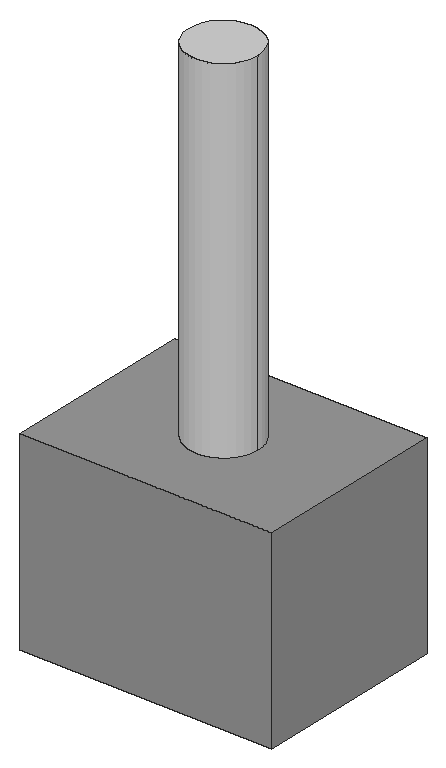
Revit family "Bollard-1_800_Bollards-High_Security-Deep_Mount_05-CS", category Site, Revit 2017
Family settings
  Round Connector Dimension = Use Diameter
  Part Type = Normal
  OmniClass Number = 23.15.10.11.21
  OmniClass Title = Traffic Safety Barriers and Protections
  Work Plane-Based = No
  Always vertical = Yes
  Cut with Voids When Loaded = No
  Shared = No
Parameters (values of type "10 in M30")
  URL = "https://1800bollards.com/"
  Type Comments = if(M30, "M30 10 in Nominal Diameter", "M50 10 in Nominal Diameter")  # "M30 10 in Nominal Diameter"
  Thickness = 0' - 10 3/4"  # constant formula
  Stainless Steel = not(Carbon Steel)  # yes
  Sloped Offset [instance] = if(Sloped, 0' 0", Thickness)  # 0' - 10 3/4"
  Sloped [instance] = no
  Reveal Offset [instance] = if(Reveal, 0' 2 179/256", 0' 0")  # 0' - 0"
  Reveal [instance] = no
  Rebar by others = yes
  Product Page URL = "https://1800bollards.com/product-category/high-security-bollards/deep-mount/"
  Product Name = "High Security Bollards"  # constant formula
  Product Documentation Link = "https://microsite.caddetails.com/main/company/viewproduct?productID=20881&companyID=5046&isFeatured=False&microsite=1&currentTab=Product"
  Model = "High Security Deep Mount Fixed Bollard"  # constant formula
  Manufacturer = "1-800-BOLLARDS"  # constant formula
  M50 = no
  M30 = not(M50)  # yes
  Height Below Grade = if(M50, 3' 8", 2' 4" + Backfill Height)  # 3' - 7 3/4"
  Height = 3' - 3"  # constant formula
  Foundation Width = if(M50, 3' 3", 3' 3")  # 3' - 3"
  Foundation Length = if(M50, 1' 9", 2' 6")  # 2' - 6"
  Foundation Depth = if(M50, 3' 11", 2' 6")  # 2' - 6"
  Flat [instance] = not(or(or(Dome, Reveal, Sloped)))  # yes
  Finish = Metal-1_800_Bollards-Stainless_Steel
  Dome Offset [instance] = if(Dome, 0' 0", Dome Height + 0' 1")  # 0' - 4.10326"
  Dome Height = Bollard Radius * tan(30.00°)  # 0' - 3.10326"
  Dome [instance] = no
  Description = if(Carbon Steel, "Carbon Steel Deep Mount Bollard", "Stainless Steel Deep Mount Bollard")  # "Stainless Steel Deep Mount Bollard"
  Concrete by others = yes
  Concrete Finish by others = Concrete, Lightweight
  Carbon Steel = no
  Bollard Radius = Thickness / 2  # 0' - 5 3/8"
  Backfill Height = if(M50, 0' 0", 1' 3 3/4")  # 1' - 3 3/4"
  Assembly Code = "G2020400"
Reference planes (in)
  plane 1 "Center (Front/Back)": y = 0
  plane 2: z = 0
  plane 3 "Center (Left/Right)": x = 0
  plane 4 "Top": z = 39
  plane 5 "Bottom": z = -43.75
  plane 6 "Right": x = 5.375
  plane 7 "Left": x = -5.375
  plane 8 "Back": y = 5.375
  plane 9 "Front": y = -5.375
  plane 10 "Base Plate Top": z = 0.25
  plane 11 "Top of Foundation": z = -15.75
Forms (in)
  Extrusion 1, solid, material "Metal-1_800_Bollards-Stainless_Steel" <- "Finish", detail levels medium+fine
    sketch origin (0, 0, 0) x (1, 0, 0) y (0, 1, 0)
      loop
        circle (0, 0) r 5.375
    from -43.75 to 39
  Extrusion 2, solid, material "Metal-1_800_Bollards-Stainless_Steel" <- "Finish", detail levels coarse
    sketch origin (0, 0, 0) x (1, 0, 0) y (0, 1, 0)
      loop
        line (-5.375, 5.375) -> (-5.375, -5.375) -> (5.375, -5.375) -> (5.375, 5.375) -> (-5.375, 5.375)
    from -43.75 to 39
  Extrusion 3, void
    sketch origin (0, 0, 0) x (0, 1, 0) y (0, 0, 1)
      loop
        line (-5.375, 49.75) -> (5.375, 42.22277) -> (5.375, 49.75) -> (-5.375, 49.75)
    from -5.375 to 5.375
  Revolve 4, void
    sketch origin (0, 0, 0.125) x (1, 0, 0) y (0, 0, 1)
      loop
        line (5.22115, 40.125) -> (5.22115, 38.875) -> (5.375, 38.875) -> (5.375, 40.125) -> (5.22115, 40.125)
      axis (0, 38.875) -> (0, 40.125)
    angle from 0 to 360
  Revolve 5, void
    sketch origin (0, 0, 0) x (1, 0, 0) y (0, 0, 1)
      loop
        line (5.375, 40) -> (5.375, 43.10326) -> (0, 43.10326)
        arc (0, 43.10326) -> (3.10326, 42.27174) -> (5.375, 40) r 6.20652
      axis (0, 43.10326) -> (0, 40)
    angle from 0 to 360
  Extrusion 6, solid, material "Concrete, Lightweight" <- "Concrete Finish by others", visible <- "Concrete by others"
    sketch origin (0, 0, 0) x (1, 0, 0) y (0, 1, 0)
      loop
        line (-19.5, 15) -> (-19.5, -15) -> (19.5, -15) -> (19.5, 15) -> (-19.5, 15)
    from -15.75 to -45.75
Cuts and joins
  Extrusion 3, Revolve 4, Revolve 5 cuts Extrusion 1
Dimensions and locks (in)
  "Height": plane 4 "Top" to level
  "Height Below Grade": level to plane 5 "Bottom"
  "Thickness": plane 7 "Left" to plane 6 "Right"
  "Thickness": plane 9 "Front" to plane 8 "Back"
  equal spacing: plane 9 "Front", plane 1 "Center (Front/Back)", plane 8 "Back"
  equal spacing: plane 7 "Left", plane 3 "Center (Left/Right)", plane 6 "Right"
  "Sloped Offset": Extrusion 3 sketch curve to plane 4 "Top"
  plane 6 "Right" to Revolve 4 sketch curve to Revolve 4 sketch curve = 0' - 0" locked, 0' - 0.15385" locked
  "Reveal Offset": plane 4 "Top" to Revolve 4 sketch curve
  locked: Revolve 4 sketch curve to Revolve 4 sketch curve at 1.25
  "Dome Offset": Revolve 5 sketch curve to plane 4 "Top"
  "Dome Height": Revolve 5 sketch curve to Revolve 5 sketch curve
  locked: plane 10 "Base Plate Top" to level at 0.25
  equal spacing: Extrusion 6 sketch curve, plane 3 "Center (Left/Right)", Extrusion 6 sketch curve
  "Foundation Width": Extrusion 6 sketch curve to Extrusion 6 sketch curve
  "Foundation Length": Extrusion 6 sketch curve to Extrusion 6 sketch curve
  "Foundation Depth": plane 11 "Top of Foundation" to Extrusion 6
  equal spacing: Extrusion 6 sketch curve, plane 1 "Center (Front/Back)", Extrusion 6 sketch curve
  locked: plane 3 "Center (Left/Right)" to Extrusion 1 sketch curve at 0
  locked: plane 1 "Center (Front/Back)" to Extrusion 1 sketch curve at 0
  "Backfill Height": level to plane 11 "Top of Foundation"
  "Bollard Radius": radius of Extrusion 1 sketch curve
  locked: Extrusion 3 sketch curve to plane 4 "Top" (angle 35.00°)
  aligned and locked: plane 2 to level
  aligned and locked: plane 4 "Top" to Extrusion 1
  aligned and locked: plane 8 "Back" to Extrusion 2 sketch curve
  aligned and locked: plane 7 "Left" to Extrusion 2 sketch curve
  aligned and locked: Extrusion 2 sketch curve to plane 9 "Front"
  aligned and locked: Extrusion 2 sketch curve to plane 6 "Right"
  aligned and locked: plane 4 "Top" to Extrusion 2
  aligned and locked: Revolve 4 sketch curve to plane 3 "Center (Left/Right)"
  aligned and locked: plane 6 "Right" to Revolve 5 sketch curve
  aligned and locked: plane 3 "Center (Left/Right)" to Revolve 5 sketch curve
  aligned and locked: plane 5 "Bottom" to Extrusion 1
  aligned and locked: nested 1 to plane 3 "Center (Left/Right)"
  aligned and locked: nested 1 to level
  aligned and locked: plane 6 "Right" to Extrusion 3
  aligned and locked: Extrusion 3 to plane 7 "Left"
  aligned and locked: Extrusion 3 sketch curve to plane 8 "Back"
  aligned and locked: plane 9 "Front" to Extrusion 3 sketch curve
  aligned and locked: plane 5 "Bottom" to Extrusion 2
  aligned and locked: nested 2 to plane 1 "Center (Front/Back)"
  aligned and locked: level to nested 2
  aligned and locked: nested 3 to level
  aligned and locked: nested 3 to plane 3 "Center (Left/Right)"
  aligned and locked: nested 4 to level
  aligned and locked: nested 4 to plane 1 "Center (Front/Back)"
  aligned and locked: Extrusion 6 to plane 11 "Top of Foundation"
Automatic sketch dimensions
  Revolve 4 sketch curve to plane 4 "Top" = 0' - 0.67477"
  Revolve 4 sketch curve to Revolve 4 sketch curve = 0' - 0.45023"
  Revolve 5 sketch curve to plane 3 "Center (Left/Right)" = 0' - 0"
  Revolve 5 sketch curve to Revolve 5 sketch curve = 0' - 0.90788"
  Revolve 5 sketch curve to Revolve 5 sketch curve = 0' - 0 5/8"
Nested families (in)
  nested 1: "Nested-1_800_Bollards-High_Security-Deep-Mounting_Detail-M50" at (0, 0, 0) x (1, 0, 0) z (0, -1, 0), visible <- "M50", type "Mounting Detail Front View"
  nested 2: "Nested-1_800_Bollards-High_Security-Deep-Mounting_Detail-M50" at (0, 0, 0) x (0, -1, 0) z (1, 0, 0), visible <- "M50", type "Mounting Detail Side View"
  nested 3: "Nested-1_800_Bollards-High_Security-Deep-Mounting_Detail-M30" at (0, 0, -3) x (1, 0, 0) z (0, -1, 0), visible <- "M30", type "Mounting Detail Front View"
  nested 4: "Nested-1_800_Bollards-High_Security-Deep-Mounting_Detail-M30" at (0, 0, -3) x (0, 1, 0) z (1, 0, 0), visible <- "M30", type "Mounting Detail Side View"
Definition of nested family "Nested-1_800_Bollards-High_Security-Deep-Mounting_Detail-M50"
  Parameters (values of type "Mounting Detail Front View")
    Width = 3' - 3"
    Warranty = ""
    URL = "https://1800bollards.com/"
    Type Comments = "For use with 1-800-Bollards Models Only"  # constant formula
    Side View Rebar = and(Side View, Rebar by others)  # no
    Side View = no
    Rebar by others = yes
    Rebar Spacing = if(Width > 5' 0", 1' 0", 0' 10")  # 0' - 10"
    Rebar Half Quantity = if(Width > 5' 0", 4, 3)  # 3
    Product Page URL = "https://1800bollards.com/product-category/high-security-bollards/deep-mount/"
    Product Name = "High Security Bollards"  # constant formula
    Product Documentation Link = "https://microsite.caddetails.com/main/company/viewproduct?productID=20881&companyID=5046&isFeatured=False&microsite=1&currentTab=Product"
    Model = "High Security Bollard Mounting Detail"  # constant formula
    Manufacturer = "1-800-BOLLARDS"  # constant formula
    Front View Rebar = and(Front View, Rebar by others)  # yes
    Front View = not(Side View)  # yes
    Description = "High Security Deep Mount Bollard"  # constant formula
    Depth = 3' - 11"
    Concrete by others = yes
    Center Spacing = 0' - 8.17511"
    Bollard Width = 0' - 10 3/4"
    Bollard Radius = Bollard Width / 2  # 0' - 5 3/8"
    Bollard Depth = 3' - 8"
  Types (2): name | Width | Side View Rebar | Side View | Front View Rebar | Front View
    Mounting Detail Front View | 3' - 3" | no | no | yes | yes
    Mounting Detail Side View | 1' - 9" | yes | yes | no | no
  Reference planes (in)
    plane 1 "Top": y = 0
    plane 2: z = 0
    plane 3 "Center (Left/Right)": x = 0
    plane 4 "Bottom": y = -47
    plane 5 "Left": x = -19.5
    plane 6 "Right": x = 19.5
  Lines and regions (in)
    Filled region 1, type "Concrete", in view "Ref. Level", visible <- "Concrete by others", detail levels medium+fine
      outline origin (0, 0, 0) x (1, 0, 0) y (0, 1, 0)
        loop
          line (-19.5, 0) -> (-19.5, -47) -> (19.5, -47) -> (19.5, 0) -> (-19.5, 0)
    Masking region 1, in view "Ref. Level", visible <- "Concrete by others", detail levels coarse
      outline origin (0, 0, 0) x (1, 0, 0) y (0, 1, 0)
        loop
          line (-19.5, 0) -> (-19.5, -47) -> (19.5, -47) -> (19.5, 0) -> (-19.5, 0)
    Masking region 2, in view "Ref. Level", visible <- "Front View Rebar", detail levels fine
      outline origin (-122.73384, 0, 0) x (1, 0, 0) y (0, 1, 0)
        loop
          line (103.23384, -3.24345) -> (103.23384, -4.5127) -> (142.23384, -4.5127) -> (142.23384, -3.24345) -> (103.23384, -3.24345)
        loop
          line (103.23384, -7.17186) -> (103.23384, -8.42078) -> (142.23384, -8.42078) -> (142.23384, -7.17186) -> (103.23384, -7.17186)
        loop
          line (103.23384, -11.22094) -> (103.23384, -12.2082) -> (142.23384, -12.2082) -> (142.23384, -11.22094) -> (103.23384, -11.22094)
        loop
          line (103.23384, -22.50253) -> (103.23384, -23.48947) -> (142.23384, -23.48947) -> (142.23384, -22.50253) -> (103.23384, -22.50253)
        loop
          line (103.23384, -33.78396) -> (103.23384, -34.7709) -> (142.23384, -34.7709) -> (142.23384, -33.78396) -> (103.23384, -33.78396)
        loop
          line (103.23384, -37.71237) -> (103.23384, -38.69931) -> (142.23384, -38.69931) -> (142.23384, -37.71237) -> (103.23384, -37.71237)
        loop
          line (103.23384, -41.62062) -> (103.23384, -42.60755) -> (142.23384, -42.60755) -> (142.23384, -41.62062) -> (103.23384, -41.62062)
    Masking region 3, in view "Ref. Level", visible <- "Side View Rebar", detail levels fine
      outline origin (-166.66594, 0, 0) x (1, 0, 0) y (0, 1, 0)
        loop
          line (172.21261, -1.75288) -> (161.0559, -1.75288)
          arc (161.0559, -1.75288) -> (159.12152, -2.55413) -> (158.32027, -4.48851) r 2.73563
          line (158.32027, -4.48851) -> (158.32027, -41.3555)
          arc (158.32027, -41.3555) -> (159.11771, -43.28069) -> (161.0429, -44.07813) r 2.72262
          line (161.0429, -44.07813) -> (164.19571, -44.07813) -> (164.19571, -43.45367) -> (161.08713, -43.45367)
          arc (161.08713, -43.45367) -> (159.56028, -42.82122) -> (158.92783, -41.29437) r 2.1593
          line (158.92783, -41.29437) -> (158.92783, -4.51867)
          arc (158.92783, -4.51867) -> (159.55506, -3.00441) -> (161.06932, -2.37718) r 2.14149
          line (161.06932, -2.37718) -> (172.26256, -2.37718)
          arc (172.26256, -2.37718) -> (173.76633, -3.00006) -> (174.38921, -4.50383) r 2.12666
          line (174.38921, -4.50383) -> (174.38921, -41.39687)
          arc (174.38921, -41.39687) -> (173.78679, -42.85124) -> (172.33241, -43.45367) r 2.0568
          line (172.33241, -43.45367) -> (169.13139, -43.45367) -> (169.13139, -44.07813) -> (172.33627, -44.07813)
          arc (172.33627, -44.07813) -> (174.2296, -43.29389) -> (175.01384, -41.40056) r 2.67756
          line (175.01384, -41.40056) -> (175.01384, -4.55411)
          arc (175.01384, -4.55411) -> (174.19338, -2.57334) -> (172.21261, -1.75288) r 2.80123
    Masking region 4, in view "Ref. Level", visible <- "Front View Rebar", detail levels fine
      outline origin (0, 0, 0) x (1, 0, 0) y (0, 1, 0)
        loop
          line (-15.3438, -1.76) -> (-15.3438, -44.23928) -> (-14.71917, -44.23928) -> (-14.71917, -1.76) -> (-15.3438, -1.76)
        loop
          line (15.15621, -1.76) -> (15.15621, -44.23928) -> (15.78084, -44.23928) -> (15.78084, -1.76) -> (15.15621, -1.76)
    Masking region 5, in view "Ref. Level", detail levels medium+fine
      outline origin (0, 0, 0) x (1, 0, 0) y (0, 1, 0)
        loop
          line (-5.375, 0) -> (-5.375, -44) -> (5.375, -44) -> (5.375, 0) -> (-5.375, 0)
    Masking region 6, in view "Ref. Level", visible <- "Front View Rebar", detail levels fine
      outline origin (0, 0, 0) x (1, 0, 0) y (0, 1, 0)
        loop
          line (-10.00515, -1.69222) -> (-10.00515, -7.17186) -> (-9.38085, -7.17186) -> (-9.38085, -1.69222) -> (-10.00515, -1.69222)
        loop
          line (-8.2726, -1.69222) -> (-8.2726, -44.28689) -> (-7.6483, -44.28689) -> (-7.6483, -1.69222) -> (-8.2726, -1.69222)
        loop
          line (-6.52004, -1.69222) -> (-6.52004, -7.17186) -> (-5.89575, -7.17186) -> (-5.89575, -1.69222) -> (-6.52004, -1.69222)
        loop
          line (-6.52004, -9.52625) -> (-6.52004, -15.00589) -> (-5.89575, -15.00589) -> (-5.89575, -9.52625) -> (-6.52004, -9.52625)
        loop
          line (-10.00515, -9.52625) -> (-10.00515, -15.00589) -> (-9.38085, -15.00589) -> (-9.38085, -9.52625) -> (-10.00515, -9.52625)
        loop
          line (-9.13737, -5.60715) -> (-9.13737, -11.08679) -> (-8.51307, -11.08679) -> (-8.51307, -5.60715) -> (-9.13737, -5.60715)
        loop
          line (-7.40632, -5.60715) -> (-7.40632, -11.08679) -> (-6.78202, -11.08679) -> (-6.78202, -5.60715) -> (-7.40632, -5.60715)
        loop
          line (-10.00515, -32.07537) -> (-10.00515, -37.55502) -> (-9.38085, -37.55502) -> (-9.38085, -32.07537) -> (-10.00515, -32.07537)
        loop
          line (-6.52004, -32.07537) -> (-6.52004, -37.55502) -> (-5.89575, -37.55502) -> (-5.89575, -32.07537) -> (-6.52004, -32.07537)
        loop
          line (-6.52004, -39.9094) -> (-6.52004, -45.38904) -> (-5.89575, -45.38904) -> (-5.89575, -39.9094) -> (-6.52004, -39.9094)
        loop
          line (-10.00515, -39.9094) -> (-10.00515, -45.38904) -> (-9.38085, -45.38904) -> (-9.38085, -39.9094) -> (-10.00515, -39.9094)
        loop
          line (-9.13737, -35.9903) -> (-9.13737, -41.46994) -> (-8.51307, -41.46994) -> (-8.51307, -35.9903) -> (-9.13737, -35.9903)
        loop
          line (-7.40632, -35.9903) -> (-7.40632, -41.46994) -> (-6.78202, -41.46994) -> (-6.78202, -35.9903) -> (-7.40632, -35.9903)
        loop
          line (10.00515, -1.69222) -> (9.38085, -1.69222) -> (9.38085, -7.17186) -> (10.00515, -7.17186) -> (10.00515, -1.69222)
        loop
          line (8.2726, -1.69222) -> (7.6483, -1.69222) -> (7.6483, -44.28689) -> (8.2726, -44.28689) -> (8.2726, -1.69222)
        loop
          line (6.52004, -1.69222) -> (5.89575, -1.69222) -> (5.89575, -7.17186) -> (6.52004, -7.17186) -> (6.52004, -1.69222)
        loop
          line (6.52004, -9.52625) -> (5.89575, -9.52625) -> (5.89575, -15.00589) -> (6.52004, -15.00589) -> (6.52004, -9.52625)
        loop
          line (10.00515, -9.52625) -> (9.38085, -9.52625) -> (9.38085, -15.00589) -> (10.00515, -15.00589) -> (10.00515, -9.52625)
        loop
          line (9.13737, -5.60715) -> (8.51307, -5.60715) -> (8.51307, -11.08679) -> (9.13737, -11.08679) -> (9.13737, -5.60715)
        loop
          line (7.40632, -5.60715) -> (6.78202, -5.60715) -> (6.78202, -11.08679) -> (7.40632, -11.08679) -> (7.40632, -5.60715)
        loop
          line (10.00515, -32.07537) -> (9.38085, -32.07537) -> (9.38085, -37.55502) -> (10.00515, -37.55502) -> (10.00515, -32.07537)
        loop
          line (6.52004, -32.07537) -> (5.89575, -32.07537) -> (5.89575, -37.55502) -> (6.52004, -37.55502) -> (6.52004, -32.07537)
        loop
          line (6.52004, -39.9094) -> (5.89575, -39.9094) -> (5.89575, -45.38904) -> (6.52004, -45.38904) -> (6.52004, -39.9094)
        loop
          line (10.00515, -39.9094) -> (9.38085, -39.9094) -> (9.38085, -45.38904) -> (10.00515, -45.38904) -> (10.00515, -39.9094)
        loop
          line (9.13737, -35.9903) -> (8.51307, -35.9903) -> (8.51307, -41.46994) -> (9.13737, -41.46994) -> (9.13737, -35.9903)
        loop
          line (7.40632, -35.9903) -> (6.78202, -35.9903) -> (6.78202, -41.46994) -> (7.40632, -41.46994) -> (7.40632, -35.9903)
    Masking region 7, in view "Ref. Level", visible <- "Side View Rebar", detail levels fine
      outline origin (315.08405, 0, 0) x (1, 0, 0) y (0, 1, 0)
        loop
          arc (-320.70684, -1.77288) -> (-323.43649, -4.50254) -> (-320.70684, -7.2322) r 2.72966
          line (-320.70684, -7.2322) -> (-317.55622, -7.2322) -> (-317.55622, -6.6072) -> (-320.70684, -6.6072)
          arc (-320.70684, -6.6072) -> (-322.81149, -4.50254) -> (-320.70684, -2.39788) r 2.10466
          line (-320.70684, -2.39788) -> (-309.46127, -2.39788)
          arc (-309.46127, -2.39788) -> (-307.35661, -4.50254) -> (-309.46127, -6.6072) r 2.10466
          line (-309.46127, -6.6072) -> (-312.62071, -6.6072) -> (-312.62071, -7.2322) -> (-309.46127, -7.2322)
          arc (-309.46127, -7.2322) -> (-306.73161, -4.50254) -> (-309.46127, -1.77288) r 2.72966
          line (-309.46127, -1.77288) -> (-320.70684, -1.77288)
    Masking region 8, in view "Ref. Level", visible <- "Side View Rebar", detail levels fine
      outline origin (315.08405, -3.90808, 0) x (1, 0, 0) y (0, 1, 0)
        loop
          arc (-320.70684, -1.77288) -> (-323.43649, -4.50254) -> (-320.70684, -7.2322) r 2.72966
          line (-320.70684, -7.2322) -> (-317.55622, -7.2322) -> (-317.55622, -6.6072) -> (-320.70684, -6.6072)
          arc (-320.70684, -6.6072) -> (-322.81149, -4.50254) -> (-320.70684, -2.39788) r 2.10466
          line (-320.70684, -2.39788) -> (-309.46127, -2.39788)
          arc (-309.46127, -2.39788) -> (-307.35661, -4.50254) -> (-309.46127, -6.6072) r 2.10466
          line (-309.46127, -6.6072) -> (-312.62071, -6.6072) -> (-312.62071, -7.2322) -> (-309.46127, -7.2322)
          arc (-309.46127, -7.2322) -> (-306.73161, -4.50254) -> (-309.46127, -1.77288) r 2.72966
          line (-309.46127, -1.77288) -> (-320.70684, -1.77288)
    Masking region 9, in view "Ref. Level", visible <- "Side View Rebar", detail levels fine
      outline origin (315.08405, -7.83649, 0) x (1, 0, 0) y (0, 1, 0)
        loop
          arc (-320.70684, -1.77288) -> (-323.43649, -4.50254) -> (-320.70684, -7.2322) r 2.72966
          line (-320.70684, -7.2322) -> (-317.55622, -7.2322) -> (-317.55622, -6.6072) -> (-320.70684, -6.6072)
          arc (-320.70684, -6.6072) -> (-322.81149, -4.50254) -> (-320.70684, -2.39788) r 2.10466
          line (-320.70684, -2.39788) -> (-309.46127, -2.39788)
          arc (-309.46127, -2.39788) -> (-307.35661, -4.50254) -> (-309.46127, -6.6072) r 2.10466
          line (-309.46127, -6.6072) -> (-312.62071, -6.6072) -> (-312.62071, -7.2322) -> (-309.46127, -7.2322)
          arc (-309.46127, -7.2322) -> (-306.73161, -4.50254) -> (-309.46127, -1.77288) r 2.72966
          line (-309.46127, -1.77288) -> (-320.70684, -1.77288)
    Masking region 10, in view "Ref. Level", visible <- "Side View Rebar", detail levels fine
      outline origin (315.08405, -30.37919, 0) x (1, 0, 0) y (0, 1, 0)
        loop
          arc (-320.70684, -1.77288) -> (-323.43649, -4.50254) -> (-320.70684, -7.2322) r 2.72966
          line (-320.70684, -7.2322) -> (-317.55622, -7.2322) -> (-317.55622, -6.6072) -> (-320.70684, -6.6072)
          arc (-320.70684, -6.6072) -> (-322.81149, -4.50254) -> (-320.70684, -2.39788) r 2.10466
          line (-320.70684, -2.39788) -> (-309.46127, -2.39788)
          arc (-309.46127, -2.39788) -> (-307.35661, -4.50254) -> (-309.46127, -6.6072) r 2.10466
          line (-309.46127, -6.6072) -> (-312.62071, -6.6072) -> (-312.62071, -7.2322) -> (-309.46127, -7.2322)
          arc (-309.46127, -7.2322) -> (-306.73161, -4.50254) -> (-309.46127, -1.77288) r 2.72966
          line (-309.46127, -1.77288) -> (-320.70684, -1.77288)
    Masking region 11, in view "Ref. Level", visible <- "Side View Rebar", detail levels fine
      outline origin (315.08405, -34.3076, 0) x (1, 0, 0) y (0, 1, 0)
        loop
          arc (-320.70684, -1.77288) -> (-323.43649, -4.50254) -> (-320.70684, -7.2322) r 2.72966
          line (-320.70684, -7.2322) -> (-317.55622, -7.2322) -> (-317.55622, -6.6072) -> (-320.70684, -6.6072)
          arc (-320.70684, -6.6072) -> (-322.81149, -4.50254) -> (-320.70684, -2.39788) r 2.10466
          line (-320.70684, -2.39788) -> (-309.46127, -2.39788)
          arc (-309.46127, -2.39788) -> (-307.35661, -4.50254) -> (-309.46127, -6.6072) r 2.10466
          line (-309.46127, -6.6072) -> (-312.62071, -6.6072) -> (-312.62071, -7.2322) -> (-309.46127, -7.2322)
          arc (-309.46127, -7.2322) -> (-306.73161, -4.50254) -> (-309.46127, -1.77288) r 2.72966
          line (-309.46127, -1.77288) -> (-320.70684, -1.77288)
    Masking region 12, in view "Ref. Level", visible <- "Side View Rebar", detail levels fine
      outline origin (315.08405, -36.82577, 0) x (1, 0, 0) y (0, 1, 0)
        loop
          arc (-320.70684, -1.77288) -> (-323.43649, -4.50254) -> (-320.70684, -7.2322) r 2.72966
          line (-320.70684, -7.2322) -> (-317.55622, -7.2322) -> (-317.55622, -6.6072) -> (-320.70684, -6.6072)
          arc (-320.70684, -6.6072) -> (-322.81149, -4.50254) -> (-320.70684, -2.39788) r 2.10466
          line (-320.70684, -2.39788) -> (-309.46127, -2.39788)
          arc (-309.46127, -2.39788) -> (-307.35661, -4.50254) -> (-309.46127, -6.6072) r 2.10466
          line (-309.46127, -6.6072) -> (-312.62071, -6.6072) -> (-312.62071, -7.2322) -> (-309.46127, -7.2322)
          arc (-309.46127, -7.2322) -> (-306.73161, -4.50254) -> (-309.46127, -1.77288) r 2.72966
          line (-309.46127, -1.77288) -> (-320.70684, -1.77288)
    detail lines, in view "Ref. Level", detail levels medium+fine
      curve 1: line (-5.375, 0, 0) -> (-5.375, -44, 0)
      curve 2: line (5.375, -44, 0) -> (5.375, 0, 0)
  Dimensions and locks (in)
    "Depth": plane 4 "Bottom" to plane 1 "Top"
    "Width": plane 5 "Left" to plane 6 "Right"
    equal spacing: plane 5 "Left", plane 3 "Center (Left/Right)", plane 6 "Right"
    equal spacing: curve 1, plane 3 "Center (Left/Right)", curve 2
    "Bollard Width": curve 1 to curve 2
    Masking region 2 sketch curve to Masking region 2 sketch curve to Masking region 2 sketch curve to Masking region 2 sketch curve to Masking region 2 sketch curve to Masking region 2 sketch curve to Masking region 2 sketch curve = 0' - 0" locked, 0' - 0" locked, 0' - 0" locked, 0' - 0" locked, 0' - 0" locked, 0' - 0" locked  (x2)
    plane 1 "Top" to Masking region 2 sketch curve to Masking region 2 sketch curve to Masking region 2 sketch curve to Masking region 2 sketch curve to Masking region 2 sketch curve to Masking region 2 sketch curve to Masking region 2 sketch curve to Masking region 2 sketch curve to Masking region 2 sketch curve to Masking region 2 sketch curve to Masking region 2 sketch curve to Masking region 2 sketch curve to Masking region 2 sketch curve to Masking region 2 sketch curve = 0' - 3.24345" locked, 0' - 1.26925" locked, 0' - 2.65916" locked, 0' - 1.24892" locked, 0' - 2.80015" locked, 0' - 0.98727" locked, 0' - 10.29433" locked, 0' - 0.98694" locked, 0' - 10.29449" locked, 0' - 0.98694" locked, 0' - 2.94147" locked, 0' - 0.98694" locked, 0' - 2.92131" locked, 0' - 0.98694" locked
    Masking region 3 sketch curve to Masking region 3 sketch curve to Masking region 3 sketch curve to plane 3 "Center (Left/Right)" to Masking region 3 sketch curve to Masking region 3 sketch curve to Masking region 3 sketch curve = 0' - 0.60756" locked, 0' - 5.26788" locked, 0' - 2.47023" locked, 0' - 2.46545" locked, 0' - 5 33/128" locked, 0' - 0.62462" locked
    Masking region 3 sketch curve to Masking region 3 sketch curve to Masking region 3 sketch curve to Masking region 3 sketch curve to Masking region 3 sketch curve to Masking region 3 sketch curve to plane 1 "Top" = 0' - 0" locked, 0' - 0.62446" locked, 0' - 0" locked, 3' - 5.07649", 0' - 0.6243" locked, 0' - 1.75288" locked
    "Bollard Depth": plane 1 "Top" to Masking region 5 sketch curve
    Masking region 4 sketch curve to Masking region 4 sketch curve to plane 3 "Center (Left/Right)" to Masking region 4 sketch curve to Masking region 4 sketch curve = 0' - 0.62462" locked, 1' - 2.71917" locked, 1' - 3.15621" locked, 0' - 0.62462" locked
    Masking region 4 sketch curve to Masking region 4 sketch curve to Masking region 4 sketch curve to Masking region 4 sketch curve to plane 1 "Top" = 0' - 0" locked, 3' - 6.47928" locked, 0' - 0" locked, 0' - 1.76" locked
    Masking region 6 sketch curve to Masking region 6 sketch curve to Masking region 6 sketch curve to Masking region 6 sketch curve to Masking region 6 sketch curve to Masking region 6 sketch curve to Masking region 6 sketch curve to Masking region 6 sketch curve to Masking region 6 sketch curve to Masking region 6 sketch curve to Masking region 6 sketch curve to Masking region 6 sketch curve to Masking region 6 sketch curve to Masking region 6 sketch curve to Masking region 6 sketch curve to Masking region 6 sketch curve to Masking region 6 sketch curve to Masking region 6 sketch curve to Masking region 6 sketch curve to Masking region 6 sketch curve to Masking region 6 sketch curve to Masking region 6 sketch curve to Masking region 6 sketch curve to Masking region 6 sketch curve to plane 1 "Top" = 0' - 0" locked, 0' - 1.10215" locked, 0' - 2.81695" locked, 0' - 1.56054" locked, 0' - 0" locked, 0' - 2.35438" locked, 0' - 0" locked, 0' - 1.56471" locked, 0' - 3.91493" locked, 0' - 0" locked, 1' - 5.06948" locked, 0' - 0" locked, 0' - 3.9191" locked, 0' - 0" locked, 0' - 1.56054" locked, 0' - 0" locked, 0' - 2.35438" locked, 0' - 0" locked, 0' - 1.56471" locked, 0' - 0" locked, 0' - 3.91493" locked, 0' - 0" locked, 0' - 0" locked, 0' - 1.69222" locked  (x2)
    Masking region 6 sketch curve to Masking region 6 sketch curve to Masking region 6 sketch curve to Masking region 6 sketch curve to Masking region 6 sketch curve to Masking region 6 sketch curve to Masking region 6 sketch curve to Masking region 6 sketch curve to Masking region 6 sketch curve to Masking region 6 sketch curve to Masking region 6 sketch curve to Masking region 6 sketch curve to Masking region 6 sketch curve to Masking region 6 sketch curve to Masking region 6 sketch curve to Masking region 6 sketch curve to Masking region 6 sketch curve to Masking region 6 sketch curve to Masking region 6 sketch curve to Masking region 6 sketch curve to Masking region 6 sketch curve to Masking region 6 sketch curve to Masking region 6 sketch curve to Masking region 6 sketch curve to Masking region 6 sketch curve to Masking region 6 sketch curve to plane 3 "Center (Left/Right)" = 0' - 0" locked, 0' - 0" locked, 0' - 0" locked, 0' - 0.6243" locked, 0' - 0" locked, 0' - 0" locked, 0' - 0" locked, 0' - 0.24349" locked, 0' - 0" locked, 0' - 0.6243" locked, 0' - 0" locked, 0' - 0.24047" locked, 0' - 0.6243" locked, 0' - 0.24198" locked, 0' - 0" locked, 0' - 0.6243" locked, 0' - 0" locked, 0' - 0.26198" locked, 0' - 0" locked, 0' - 0" locked, 0' - 0" locked, 0' - 0.6243" locked, 0' - 0" locked, 0' - 0" locked, 0' - 0" locked, 0' - 5.89575" locked  (x2)
    plane 1 "Top" to Masking region 7 sketch curve to Masking region 7 sketch curve to Masking region 7 sketch curve to Masking region 7 sketch curve to Masking region 7 sketch curve to Masking region 7 sketch curve = 0' - 1.77288" locked, 0' - 0 5/8" locked, 0' - 4.20931" locked, 0' - 0" locked, 0' - 0 5/8" locked, 0' - 0" locked
    Masking region 7 sketch curve to Masking region 7 sketch curve to Masking region 7 sketch curve to plane 3 "Center (Left/Right)" to Masking region 7 sketch curve to Masking region 7 sketch curve to Masking region 7 sketch curve = 0' - 0 5/8" locked, 0' - 5.25527" locked, 0' - 2.47217" locked, 0' - 2.46334" locked, 0' - 5.2641" locked, 0' - 0 5/8" locked
    plane 1 "Top" to Masking region 8 sketch curve to Masking region 8 sketch curve to Masking region 8 sketch curve to Masking region 8 sketch curve to Masking region 8 sketch curve to Masking region 8 sketch curve = 0' - 5.68096" locked, 0' - 0 5/8" locked, 0' - 4.20931" locked, 0' - 0" locked, 0' - 0 5/8" locked, 0' - 0" locked
    Masking region 8 sketch curve to Masking region 8 sketch curve to Masking region 8 sketch curve to plane 3 "Center (Left/Right)" to Masking region 8 sketch curve to Masking region 8 sketch curve to Masking region 8 sketch curve = 0' - 0 5/8" locked, 0' - 5.25527" locked, 0' - 2.47217" locked, 0' - 2.46334" locked, 0' - 5.2641" locked, 0' - 0 5/8" locked
    plane 1 "Top" to Masking region 9 sketch curve to Masking region 9 sketch curve to Masking region 9 sketch curve to Masking region 9 sketch curve to Masking region 9 sketch curve to Masking region 9 sketch curve = 0' - 9 39/64" locked, 0' - 0 5/8" locked, 0' - 4.20931" locked, 0' - 0" locked, 0' - 0 5/8" locked, 0' - 0" locked
    Masking region 9 sketch curve to Masking region 9 sketch curve to Masking region 9 sketch curve to plane 3 "Center (Left/Right)" to Masking region 9 sketch curve to Masking region 9 sketch curve to Masking region 9 sketch curve = 0' - 0 5/8" locked, 0' - 5.25527" locked, 0' - 2.47217" locked, 0' - 2.46334" locked, 0' - 5.2641" locked, 0' - 0 5/8" locked
    Masking region 10 sketch curve to Masking region 10 sketch curve to Masking region 10 sketch curve to Masking region 10 sketch curve to Masking region 10 sketch curve to Masking region 10 sketch curve to plane 4 "Bottom" = 0' - 0 5/8" locked, 0' - 4.20931" locked, 0' - 0" locked, 0' - 0 5/8" locked, 0' - 0" locked, 0' - 9.38862" locked
    Masking region 10 sketch curve to Masking region 10 sketch curve to Masking region 10 sketch curve to plane 3 "Center (Left/Right)" to Masking region 10 sketch curve to Masking region 10 sketch curve to Masking region 10 sketch curve = 0' - 0 5/8" locked, 0' - 5.25527" locked, 0' - 2.47217" locked, 0' - 2.46334" locked, 0' - 5.2641" locked, 0' - 0 5/8" locked
    Masking region 11 sketch curve to Masking region 11 sketch curve to Masking region 11 sketch curve to Masking region 11 sketch curve to Masking region 11 sketch curve to Masking region 11 sketch curve to plane 4 "Bottom" = 0' - 0 5/8" locked, 0' - 4.20931" locked, 0' - 0" locked, 0' - 0 5/8" locked, 0' - 0" locked, 0' - 5.46021" locked
    Masking region 11 sketch curve to Masking region 11 sketch curve to Masking region 11 sketch curve to plane 3 "Center (Left/Right)" to Masking region 11 sketch curve to Masking region 11 sketch curve to Masking region 11 sketch curve = 0' - 0 5/8" locked, 0' - 5.25527" locked, 0' - 2.47217" locked, 0' - 2.46334" locked, 0' - 5.2641" locked, 0' - 0 5/8" locked
    Masking region 12 sketch curve to Masking region 12 sketch curve to Masking region 12 sketch curve to Masking region 12 sketch curve to Masking region 12 sketch curve to Masking region 12 sketch curve to plane 4 "Bottom" = 0' - 0 5/8" locked, 0' - 4.20931" locked, 0' - 0" locked, 0' - 0 5/8" locked, 0' - 0" locked, 0' - 2.94204" locked
    Masking region 12 sketch curve to Masking region 12 sketch curve to Masking region 12 sketch curve to plane 3 "Center (Left/Right)" to Masking region 12 sketch curve to Masking region 12 sketch curve to Masking region 12 sketch curve = 0' - 0 5/8" locked, 0' - 5.25527" locked, 0' - 2.47217" locked, 0' - 2.46334" locked, 0' - 5.2641" locked, 0' - 0 5/8" locked
    equal spacing: Masking region 5 sketch curve, plane 3 "Center (Left/Right)", Masking region 5 sketch curve
    "Bollard Width": Masking region 5 sketch curve to Masking region 5 sketch curve
    aligned and locked: plane 1 "Top" to Filled region 1 sketch curve
    aligned and locked: plane 1 "Top" to Masking region 1 sketch curve
    aligned and locked: plane 4 "Bottom" to Masking region 1 sketch curve
    aligned and locked: plane 6 "Right" to Masking region 1 sketch curve
    aligned and locked: Masking region 1 sketch curve to plane 5 "Left"
    aligned and locked: Filled region 1 sketch curve to plane 5 "Left"
    aligned and locked: plane 6 "Right" to Filled region 1 sketch curve
    aligned and locked: plane 4 "Bottom" to Filled region 1 sketch curve
    aligned and locked: Masking region 5 to curve 1
    aligned and locked: Masking region 5 to curve 2
    aligned and locked: plane 5 "Left" to Masking region 2 sketch curve
    aligned and locked: plane 6 "Right" to Masking region 2 sketch curve
    aligned and locked: plane 1 "Top" to Masking region 5 sketch curve
    aligned and locked: plane 1 "Top" to curve 1
    aligned and locked: plane 1 "Top" to curve 2
  Automatic sketch dimensions
    Masking region 6 sketch curve to Masking region 6 sketch curve = 0' - 1.56054"
    Masking region 6 sketch curve to Masking region 6 sketch curve = 0' - 0"  (x2)
    Masking region 6 sketch curve to Masking region 6 sketch curve = 0' - 1.56471"
    Masking region 3 sketch curve to Masking region 3 sketch curve = 0' - 2.12806"
    Masking region 3 sketch curve to Masking region 3 sketch curve = 0' - 0.01343"
    Masking region 3 sketch curve to Masking region 3 sketch curve = 0' - 0.04423"
    Masking region 3 sketch curve to Masking region 3 sketch curve = 0' - 2.1766"
    Masking region 3 sketch curve to Masking region 3 sketch curve = 0' - 0.04995"
    Masking region 3 sketch curve to Masking region 3 sketch curve = 0' - 2.0568"
    Masking region 3 sketch curve to Masking region 3 sketch curve = 0' - 0.00386"
    Masking region 3 sketch curve to Masking region 3 sketch curve = 0' - 3.10858"
    plane 4 "Bottom" to curve 2 = 0' - 3"
    plane 4 "Bottom" to curve 1 = 0' - 3"
Definition of nested family "Nested-1_800_Bollards-High_Security-Deep-Mounting_Detail-M30"
  Parameters (values of type "Mounting Detail Side View")
    Width = if(Front View, 3' 3", 2' 6")  # 2' - 6"
    Warranty = ""
    URL = "https://1800bollards.com/"
    Type Comments = "For use with 1-800-Bollards Models Only"  # constant formula
    Side View Rebar = and(Side View, Rebar by others)  # yes
    Side View = yes
    Rebar by others = yes
    Rebar Spacing = if(Width > 5' 0", 1' 0", 0' 10")  # 0' - 10"
    Rebar Half Quantity = if(Width > 5' 0", 4, 3)  # 3
    Product Page URL = "https://1800bollards.com/product-category/high-security-bollards/deep-mount/"
    Product Name = "High Security Bollards"  # constant formula
    Product Documentation Link = "https://microsite.caddetails.com/main/company/viewproduct?productID=20881&companyID=5046&isFeatured=False&microsite=1&currentTab=Product"
    Model = "High Security Bollard Mounting Detail"  # constant formula
    Manufacturer = "1-800-BOLLARDS"  # constant formula
    M30 = yes
    Front View Rebar = and(Front View, Rebar by others)  # no
    Front View = not(Side View)  # no
    Description = "High Security Deep Mount Bollard"  # constant formula
    Depth = 2' - 6"  # constant formula
    Concrete by others = yes
    Center Spacing = 0' - 8.17511"
    Bollard Width = 0' - 10 3/4"
    Bollard Radius = Bollard Width / 2  # 0' - 5 3/8"
    Bollard Depth = Depth - 0' 2"  # 2' - 4"
    Backfill Height = 1' - 3 3/4"
  Types (2): name | Width | Side View Rebar | Side View | Front View Rebar | Front View
    Mounting Detail Front View | 3' - 3" | no | no | yes | yes
    Mounting Detail Side View | 2' - 6" | yes | yes | no | no
  Reference planes (in)
    plane 1 "Top Foundation": y = -12.75
    plane 2: z = 0
    plane 3 "Center (Left/Right)": x = 0
    plane 4 "Bottom": y = -42.75
    plane 5 "Left": x = -15
    plane 6 "Right": x = 15
    plane 7 "Top": y = 3
  Lines and regions (in)
    Filled region 1, type "Concrete", in view "Ref. Level", visible <- "Concrete by others", detail levels medium+fine
      outline origin (0, 0, 0) x (1, 0, 0) y (0, 1, 0)
        loop
          line (-15, -12.75) -> (-15, -42.75) -> (15, -42.75) -> (15, -12.75) -> (-15, -12.75)
    Masking region 1, in view "Ref. Level", visible <- "Concrete by others", detail levels coarse
      outline origin (0, 0, 0) x (1, 0, 0) y (0, 1, 0)
        loop
          line (-15, -12.75) -> (-15, -42.75) -> (15, -42.75) -> (15, -12.75) -> (-15, -12.75)
    Masking region 2, in view "Ref. Level", visible <- "Front View Rebar", detail levels fine
      outline origin (-122.73384, 0, 0) x (1, 0, 0) y (0, 1, 0)
        loop
          line (107.73384, -15.10124) -> (107.73384, -16.34404) -> (137.73384, -16.34404) -> (137.73384, -15.10124) -> (107.73384, -15.10124)
        loop
          line (107.73384, -19.11858) -> (107.73384, -20.3609) -> (137.73384, -20.3609) -> (137.73384, -19.11858) -> (107.73384, -19.11858)
        loop
          line (107.73384, -26.49288) -> (107.73384, -27.73519) -> (137.73384, -27.73519) -> (137.73384, -26.49288) -> (107.73384, -26.49288)
        loop
          line (107.73384, -33.92101) -> (107.73384, -35.16331) -> (137.73384, -35.16331) -> (137.73384, -33.92101) -> (107.73384, -33.92101)
        loop
          line (107.73384, -37.88552) -> (107.73384, -39.12782) -> (137.73384, -39.12782) -> (137.73384, -37.88552) -> (107.73384, -37.88552)
    Masking region 3, in view "Ref. Level", visible <- "Front View Rebar", detail levels fine
      outline origin (0, 0, 0) x (1, 0, 0) y (0, 1, 0)
        loop
          line (-13.97284, -13.25293) -> (-13.97284, -40.26181) -> (-13.34822, -40.26181) -> (-13.34822, -13.25293) -> (-13.97284, -13.25293)
        loop
          line (13.3482, -13.25293) -> (13.3482, -40.26181) -> (13.97283, -40.26181) -> (13.97283, -13.25293) -> (13.3482, -13.25293)
    Masking region 4, in view "Ref. Level", detail levels medium+fine
      outline origin (0, 0, 0) x (1, 0, 0) y (0, 1, 0)
        loop
          line (-5.375, 3) -> (-5.375, -40.75) -> (5.375, -40.75) -> (5.375, 3) -> (-5.375, 3)
    Masking region 5, in view "Ref. Level", visible <- "Front View Rebar", detail levels fine
      outline origin (0.08927, 1.18763, 0) x (1, 0, 0) y (0, 1, 0)
        loop
          line (-9.51441, -14.44222) -> (-9.51441, -20.42186) -> (-8.89011, -20.42186) -> (-8.89011, -14.44222) -> (-9.51441, -14.44222)
        loop
          line (-8.2726, -14.44222) -> (-8.2726, -41.72159) -> (-7.6483, -41.72159) -> (-7.6483, -14.44222) -> (-8.2726, -14.44222)
        loop
          line (-7.01405, -14.44222) -> (-7.01405, -20.42186) -> (-6.38975, -20.42186) -> (-6.38975, -14.44222) -> (-7.01405, -14.44222)
        loop
          line (-7.00784, -23.64418) -> (-7.00784, -29.12382) -> (-6.38354, -29.12382) -> (-6.38354, -23.64418) -> (-7.00784, -23.64418)
        loop
          line (-9.51646, -23.64627) -> (-9.51646, -29.12591) -> (-8.89217, -29.12591) -> (-8.89217, -23.64627) -> (-9.51646, -23.64627)
        loop
          line (-7.00784, -35.12141) -> (-7.00784, -41.72159) -> (-6.38354, -41.72159) -> (-6.38354, -35.12141) -> (-7.00784, -35.12141)
        loop
          line (-9.51646, -35.12141) -> (-9.51646, -41.72368) -> (-8.89217, -41.72368) -> (-8.89217, -35.12141) -> (-9.51646, -35.12141)
        loop
          line (9.33587, -14.44222) -> (8.71157, -14.44222) -> (8.71157, -20.42186) -> (9.33587, -20.42186) -> (9.33587, -14.44222)
        loop
          line (8.09405, -14.44222) -> (7.46976, -14.44222) -> (7.46976, -41.72159) -> (8.09405, -41.72159) -> (8.09405, -14.44222)
        loop
          line (6.83551, -14.44222) -> (6.21121, -14.44222) -> (6.21121, -20.42186) -> (6.83551, -20.42186) -> (6.83551, -14.44222)
        loop
          line (6.8293, -23.64418) -> (6.205, -23.64418) -> (6.205, -29.12382) -> (6.8293, -29.12382) -> (6.8293, -23.64418)
        loop
          line (9.33792, -23.64627) -> (8.71363, -23.64627) -> (8.71363, -29.12591) -> (9.33792, -29.12591) -> (9.33792, -23.64627)
        loop
          line (6.8293, -35.12141) -> (6.205, -35.12141) -> (6.205, -41.72159) -> (6.8293, -41.72159) -> (6.8293, -35.12141)
        loop
          line (9.33792, -35.12141) -> (8.71363, -35.12141) -> (8.71363, -41.72368) -> (9.33792, -41.72368) -> (9.33792, -35.12141)
    Masking region 6, in view "Ref. Level", visible <- "Side View Rebar", detail levels fine
      outline origin (9.40199, -30.87357, 0) x (1, 0, 0) y (0, 1, 0)
        loop
          arc (-18.88875, 16.08745) -> (-20.69534, 15.41078) -> (-21.61288, 13.71379) r 2.75
          line (-21.61288, 13.71379) -> (-21.61288, -5.84949)
          arc (-21.61288, -5.84949) -> (-20.80742, -7.79404) -> (-18.86288, -8.59949) r 2.75
          line (-18.86288, -8.59949) -> (0.05979, -8.59949)
          arc (0.05979, -8.59949) -> (2.00434, -7.79404) -> (2.80979, -5.84949) r 2.75
          line (2.80979, -5.84949) -> (2.80979, 13.33745)
          arc (2.80979, 13.33745) -> (2.00434, 15.28199) -> (0.05979, 16.08745) r 2.75
          line (0.05979, 16.08745) -> (-18.88875, 16.08745)
        loop
          arc (-20.9791, -5.96525) -> (-20.39331, -7.37947) -> (-18.9791, -7.96525) r 2
          line (-18.9791, -7.96525) -> (0.17557, -7.96525)
          arc (0.17557, -7.96525) -> (1.58978, -7.37947) -> (2.17557, -5.96525) r 2
          line (2.17557, -5.96525) -> (2.17557, 13.45321)
          arc (2.17557, 13.45321) -> (1.58978, 14.86743) -> (0.17557, 15.45321) r 2
          line (0.17557, 15.45321) -> (-19.00452, 15.45321)
          arc (-19.00452, 15.45321) -> (-20.30148, 14.97568) -> (-20.9791, 13.77111) r 2
          line (-20.9791, 13.77111) -> (-20.9791, -5.96525)
    Masking region 7, in view "Ref. Level", visible <- "Side View Rebar", detail levels fine
      outline origin (8.13949, -30.87357, 0) x (1, 0, 0) y (0, 1, 0)
        loop
          arc (-2.64805, 10.03505) -> (0.06105, 12.74415) -> (-2.64805, 15.45326) r 2.70911
          line (-2.64805, 15.45326) -> (-13.55681, 15.45326)
          arc (-13.55681, 15.45326) -> (-15.50135, 14.6478) -> (-16.30681, 12.70326) r 2.75
          line (-16.30681, 12.70326) -> (-16.30681, -5.3474) -> (-15.69879, -5.3474) -> (-15.69879, 12.5957)
          arc (-15.69879, 12.5957) -> (-15.03979, 14.18669) -> (-13.44879, 14.8457) r 2.25
          line (-13.44879, 14.8457) -> (-2.67982, 14.8457)
          arc (-2.67982, 14.8457) -> (-0.5916, 12.75748) -> (-2.67982, 10.66927) r 2.08822
          line (-2.67982, 10.66927) -> (-4.91419, 10.66927) -> (-4.91419, 10.03505) -> (-2.64805, 10.03505)
    Masking region 8, in view "Ref. Level", visible <- "Side View Rebar", detail levels fine
      outline origin (8.13949, -30.87357, 0) x (1, 0, 0) y (0, 1, 0)
        loop
          arc (-2.64805, 6.07054) -> (0.06105, 8.77965) -> (-2.64805, 11.48876) r 2.70911
          line (-2.64805, 11.48876) -> (-13.55681, 11.48876)
          arc (-13.55681, 11.48876) -> (-15.53902, 10.64489) -> (-16.30471, 8.6312) r 2.75
          line (-16.30471, 8.6312) -> (-15.69879, 8.6312)
          arc (-15.69879, 8.6312) -> (-15.03979, 10.22219) -> (-13.44879, 10.8812) r 2.25
          line (-13.44879, 10.8812) -> (-2.67982, 10.8812)
          arc (-2.67982, 10.8812) -> (-0.5916, 8.79298) -> (-2.67982, 6.70477) r 2.08822
          line (-2.67982, 6.70477) -> (-4.91419, 6.70477) -> (-4.91419, 6.07054) -> (-2.64805, 6.07054)
    Masking region 9, in view "Ref. Level", visible <- "Side View Rebar", detail levels fine
      outline origin (8.13949, -38.32788, 0) x (1, 0, 0) y (0, 1, 0)
        loop
          arc (-2.64805, 6.07054) -> (0.06105, 8.77965) -> (-2.64805, 11.48876) r 2.70911
          line (-2.64805, 11.48876) -> (-13.55681, 11.48876)
          arc (-13.55681, 11.48876) -> (-15.53902, 10.64489) -> (-16.30471, 8.6312) r 2.75
          line (-16.30471, 8.6312) -> (-15.69879, 8.6312)
          arc (-15.69879, 8.6312) -> (-15.03979, 10.22219) -> (-13.44879, 10.8812) r 2.25
          line (-13.44879, 10.8812) -> (-2.67982, 10.8812)
          arc (-2.67982, 10.8812) -> (-0.5916, 8.79298) -> (-2.67982, 6.70477) r 2.08822
          line (-2.67982, 6.70477) -> (-4.91419, 6.70477) -> (-4.91419, 6.07054) -> (-2.64805, 6.07054)
    Masking region 10, in view "Ref. Level", visible <- "Side View Rebar", detail levels fine
      outline origin (-3.60513, 2.11541, 0) x (-1, 0, 0) y (0, -1, 0)
        loop
          arc (1.85195, 31.57054) -> (4.56105, 34.27965) -> (1.85195, 36.98876) r 2.70911
          line (1.85195, 36.98876) -> (-9.05681, 36.98876)
          arc (-9.05681, 36.98876) -> (-11.03902, 36.14489) -> (-11.80471, 34.1312) r 2.75
          line (-11.80471, 34.1312) -> (-11.19879, 34.1312)
          arc (-11.19879, 34.1312) -> (-10.53979, 35.72219) -> (-8.94879, 36.3812) r 2.25
          line (-8.94879, 36.3812) -> (1.82018, 36.3812)
          arc (1.82018, 36.3812) -> (3.9084, 34.29298) -> (1.82018, 32.20477) r 2.08822
          line (1.82018, 32.20477) -> (-0.41419, 32.20477) -> (-0.41419, 31.57054) -> (1.85195, 31.57054)
    Masking region 11, in view "Ref. Level", visible <- "Side View Rebar", detail levels fine
      outline origin (-3.60513, -1.84908, 0) x (-1, 0, 0) y (0, -1, 0)
        loop
          arc (1.85195, 31.57054) -> (4.56105, 34.27965) -> (1.85195, 36.98876) r 2.70911
          line (1.85195, 36.98876) -> (-9.05681, 36.98876)
          arc (-9.05681, 36.98876) -> (-11.06561, 36.11685) -> (-11.8006, 34.05402) r 2.75
          line (-11.8006, 34.05402) -> (-11.8006, 16.42946)
          arc (-11.8006, 16.42946) -> (-11.54904, 17.4292) -> (-10.9422, 18.26258) r 2.70911
          arc (-10.9422, 18.26258) -> (-11.07527, 18.39546) -> (-11.19879, 18.53725) r 2.70911
          line (-11.19879, 18.53725) -> (-11.19879, 34.1312)
          arc (-11.19879, 34.1312) -> (-10.53979, 35.72219) -> (-8.94879, 36.3812) r 2.25
          line (-8.94879, 36.3812) -> (1.82018, 36.3812)
          arc (1.82018, 36.3812) -> (3.9084, 34.29298) -> (1.82018, 32.20477) r 2.08822
          line (1.82018, 32.20477) -> (-0.41419, 32.20477) -> (-0.41419, 31.57054) -> (1.85195, 31.57054)
    Masking region 12, in view "Ref. Level", visible <- "Side View", detail levels fine
      outline origin (-303.44553, -0.49438, 0) x (1, 0, 0) y (0, 1, 0)
        loop
          circle (292.75158, -16.23824) r 0.49563
        loop
          circle (310.2516, -16.94946) r 0.48975
        loop
          circle (296.66875, -16.95435) r 0.50092
        loop
          circle (314.12825, -16.21132) r 0.49685
        loop
          circle (314.12844, -26.62452) r 0.49666
        loop
          circle (292.75709, -26.6275) r 0.50091
        loop
          circle (296.66875, -21.02455) r 0.50092
        loop
          circle (310.2516, -21.01966) r 0.48975
        loop
          circle (310.18936, -28.23639) r 0.42766
        loop
          circle (296.65378, -28.18516) r 0.43266
        loop
          circle (296.71359, -31.66526) r 0.43314
        loop
          circle (296.71339, -36.23806) r 0.43307
        loop
          circle (292.75709, -37.04112) r 0.50091
        loop
          circle (310.25535, -36.21094) r 0.43237
        loop
          circle (310.25525, -31.63881) r 0.43248
        loop
          circle (292.75158, -16.23824) r 1
        loop
          circle (310.2516, -16.94946) r 1.01615
        loop
          circle (310.2516, -21.01966) r 1.01546
        loop
          circle (310.18936, -28.23639) r 0.98955
        loop
          circle (310.25525, -31.63881) r 0.96961
        loop
          circle (310.19315, -36.05192) r 0.95935
        loop
          circle (292.75709, -37.04112) r 1
        loop
          circle (292.75709, -26.72125) r 1
        loop
          circle (314.13391, -37.01393) r 0.49231
    Masking region 13, in view "Ref. Level", visible <- "Front View Rebar", detail levels fine
      outline origin (5.08927, 1.18763, 0) x (1, 0, 0) y (0, 1, 0)
        loop
          line (-13.88613, -20.14058) -> (-13.88613, -25.62023) -> (-13.26183, -25.62023) -> (-13.26183, -20.14058) -> (-13.88613, -20.14058)
        loop
          line (-12.64381, -20.14058) -> (-12.64381, -25.62023) -> (-12.01952, -25.62023) -> (-12.01952, -20.14058) -> (-12.64381, -20.14058)
        loop
          line (-13.88613, -32.80879) -> (-13.88613, -38.75652) -> (-13.26183, -38.75652) -> (-13.26183, -32.80879) -> (-13.88613, -32.80879)
        loop
          line (-12.64381, -32.80879) -> (-12.64381, -38.75652) -> (-12.01952, -38.75652) -> (-12.01952, -32.80879) -> (-12.64381, -32.80879)
        loop
          line (3.70759, -20.14058) -> (3.08329, -20.14058) -> (3.08329, -25.62023) -> (3.70759, -25.62023) -> (3.70759, -20.14058)
        loop
          line (2.46527, -20.14058) -> (1.84098, -20.14058) -> (1.84098, -25.62023) -> (2.46527, -25.62023) -> (2.46527, -20.14058)
        loop
          line (3.70759, -32.80879) -> (3.08329, -32.80879) -> (3.08329, -38.75652) -> (3.70759, -38.75652) -> (3.70759, -32.80879)
        loop
          line (2.46527, -32.80879) -> (1.84098, -32.80879) -> (1.84098, -38.75652) -> (2.46527, -38.75652) -> (2.46527, -32.80879)
    Filled region 2, type "Horizontal", in view "Ref. Level", visible <- "M30"
      outline origin (0, 0, 0) x (1, 0, 0) y (0, 1, 0)
        loop
          line (-15, 3) -> (-15, -12.75) -> (15, -12.75) -> (15, 3) -> (-15, 3)
    detail lines, in view "Ref. Level", detail levels medium+fine
      curve 1: line (-5.375, -12.75, 0) -> (-5.375, -40.75, 0)
      curve 2: line (5.375, -40.75, 0) -> (5.375, -12.75, 0)
  Dimensions and locks (in)
    "Depth": plane 4 "Bottom" to plane 1 "Top Foundation"
    "Width": plane 5 "Left" to plane 6 "Right"
    equal spacing: plane 5 "Left", plane 3 "Center (Left/Right)", plane 6 "Right"
    equal spacing: curve 1, plane 3 "Center (Left/Right)", curve 2
    "Bollard Width": curve 1 to curve 2
    Masking region 2 sketch curve to Masking region 2 sketch curve to Masking region 2 sketch curve to Masking region 2 sketch curve = 0' - 0" locked, 0' - 0" locked, 0' - 0" locked  (x2)
    plane 1 "Top Foundation" to Masking region 2 sketch curve to Masking region 2 sketch curve to Masking region 2 sketch curve to Masking region 2 sketch curve to Masking region 2 sketch curve to Masking region 2 sketch curve to Masking region 2 sketch curve to Masking region 2 sketch curve = 0' - 2.35124" locked, 0' - 1.2428" locked, 0' - 2.77455" locked, 0' - 1.24231" locked, 0' - 6.13198" locked, 0' - 1.24231" locked, 0' - 6.18582" locked, 0' - 1.2423" locked
    "Bollard Depth": plane 1 "Top Foundation" to Masking region 4 sketch curve
    Masking region 3 sketch curve to Masking region 3 sketch curve to plane 3 "Center (Left/Right)" to Masking region 3 sketch curve to Masking region 3 sketch curve = 0' - 0.62462" locked, 1' - 1.34822" locked, 1' - 1.3482" locked, 0' - 0.62462" locked
    Masking region 3 sketch curve to Masking region 3 sketch curve to Masking region 3 sketch curve to Masking region 3 sketch curve to plane 1 "Top Foundation" = 0' - 0" locked, 2' - 3.00888" locked, 0' - 0" locked, 0' - 0.50293" locked
    equal spacing: Masking region 4 sketch curve, plane 3 "Center (Left/Right)", Masking region 4 sketch curve
    "Bollard Width": Masking region 4 sketch curve to Masking region 4 sketch curve
    Masking region 8 sketch curve to Masking region 8 sketch curve to Masking region 8 sketch curve to Masking region 8 sketch curve to Masking region 8 sketch curve to plane 1 "Top Foundation" = 0' - 0.63422" locked, 0' - 1.92643" locked, 0' - 2 1/4" locked, 0' - 0.60756" locked, 0' - 6.63481" locked
    Masking region 8 sketch curve to Masking region 8 sketch curve to Masking region 8 sketch curve to Masking region 8 sketch curve to plane 3 "Center (Left/Right)" to Masking region 8 sketch curve to Masking region 8 sketch curve to Masking region 8 sketch curve to Masking region 8 sketch curve to Masking region 8 sketch curve to Masking region 8 sketch curve to Masking region 8 sketch curve = 0' - 0.60591" locked, 0' - 2.14198" locked, 0' - 0.10802" locked, 0' - 5.3093" locked, 0' - 3.2253" locked, 0' - 2 15/64" locked, 0' - 0" locked, 0' - 0.03176" locked, 0' - 0" locked, 0' - 2.05645" locked, 0' - 0.65265" locked
    Masking region 9 sketch curve to Masking region 9 sketch curve to Masking region 9 sketch curve to Masking region 9 sketch curve to Masking region 9 sketch curve to plane 1 "Top Foundation" = 0' - 0.63422" locked, 0' - 1.92643" locked, 0' - 2 1/4" locked, 0' - 0.60756" locked, 1' - 2.08913" locked
    Masking region 9 sketch curve to Masking region 9 sketch curve to Masking region 9 sketch curve to Masking region 9 sketch curve to plane 3 "Center (Left/Right)" to Masking region 9 sketch curve to Masking region 9 sketch curve to Masking region 9 sketch curve to Masking region 9 sketch curve to Masking region 9 sketch curve to Masking region 9 sketch curve to Masking region 9 sketch curve = 0' - 0.60591" locked, 0' - 2.14198" locked, 0' - 0.10802" locked, 0' - 5.3093" locked, 0' - 3.2253" locked, 0' - 2 15/64" locked, 0' - 0" locked, 0' - 0.03176" locked, 0' - 0" locked, 0' - 2.05645" locked, 0' - 0.65265" locked
    plane 1 "Top Foundation" to Masking region 10 sketch curve to Masking region 10 sketch curve to Masking region 10 sketch curve to Masking region 10 sketch curve to Masking region 10 sketch curve = 1' - 4.70513" locked, 0' - 0.63422" locked, 0' - 1.92643" locked, 0' - 2 1/4" locked, 0' - 0.60756" locked
    Masking region 10 sketch curve to Masking region 10 sketch curve to Masking region 10 sketch curve to Masking region 10 sketch curve to plane 3 "Center (Left/Right)" to Masking region 10 sketch curve to Masking region 10 sketch curve to Masking region 10 sketch curve to Masking region 10 sketch curve to Masking region 10 sketch curve to Masking region 10 sketch curve to Masking region 10 sketch curve = 0' - 0.60591" locked, 0' - 2.14198" locked, 0' - 0.10802" locked, 0' - 5.34367" locked, 0' - 3.19094" locked, 0' - 2 15/64" locked, 0' - 0" locked, 0' - 0.03176" locked, 0' - 0" locked, 0' - 2.05645" locked, 0' - 0.65265" locked
    plane 1 "Top Foundation" to Masking region 11 sketch curve to Masking region 11 sketch curve to Masking region 11 sketch curve to Masking region 11 sketch curve to Masking region 11 sketch curve to Masking region 11 sketch curve to Masking region 11 sketch curve = 0' - 5.52855" locked, 0' - 1.83312" locked, 0' - 0.27467" locked, 1' - 1.03329" locked, 0' - 0.63422" locked, 0' - 4.17643" locked, 0' - 0.60756" locked
    Masking region 11 sketch curve to Masking region 11 sketch curve to Masking region 11 sketch curve to Masking region 11 sketch curve to Masking region 11 sketch curve to plane 3 "Center (Left/Right)" to Masking region 11 sketch curve to Masking region 11 sketch curve to Masking region 11 sketch curve to Masking region 11 sketch curve to Masking region 11 sketch curve to Masking region 11 sketch curve to Masking region 11 sketch curve = 0' - 0.6018" locked, 0' - 0.25659" locked, 0' - 1.88539" locked, 0' - 0.10802" locked, 0' - 5.34367" locked, 0' - 3.19094" locked, 0' - 2 15/64" locked, 0' - 0" locked, 0' - 0.03176" locked, 0' - 0" locked, 0' - 2.05645" locked, 0' - 0.65265" locked
    Masking region 5 sketch curve to Masking region 5 sketch curve to Masking region 5 sketch curve to Masking region 5 sketch curve to Masking region 5 sketch curve to Masking region 5 sketch curve to Masking region 5 sketch curve to Masking region 5 sketch curve to Masking region 5 sketch curve to Masking region 5 sketch curve to Masking region 5 sketch curve to Masking region 5 sketch curve to Masking region 5 sketch curve to Masking region 5 sketch curve to Masking region 5 sketch curve to Masking region 5 sketch curve to Masking region 5 sketch curve to Masking region 5 sketch curve to Masking region 5 sketch curve to Masking region 5 sketch curve to Masking region 5 sketch curve to Masking region 5 sketch curve to Masking region 5 sketch curve to Masking region 5 sketch curve to Masking region 5 sketch curve to Masking region 5 sketch curve to Masking region 5 sketch curve to Masking region 5 sketch curve = 0' - 0" locked, 0' - 0.00205" locked, 0' - 0.62224" locked, 0' - 0" locked, 0' - 0.00205" locked, 0' - 0.61752" locked, 0' - 0.6243" locked, 0' - 0.63425" locked, 0' - 0.00621" locked, 0' - 0" locked, 0' - 0.61809" locked, 0' - 0.00621" locked, 0' - 0" locked, 1' - 0.58854" locked, 0' - 0" locked, 0' - 0.00621" locked, 0' - 0.61809" locked, 0' - 0" locked, 0' - 0.00621" locked, 0' - 0.63425" locked, 0' - 0.6243" locked, 0' - 0.61752" locked, 0' - 0.00205" locked, 0' - 0" locked, 0' - 0.62224" locked, 0' - 0.00205" locked, 0' - 0" locked
    Masking region 5 sketch curve to Masking region 5 sketch curve to Masking region 5 sketch curve to Masking region 5 sketch curve to Masking region 5 sketch curve to Masking region 5 sketch curve to Masking region 5 sketch curve to Masking region 5 sketch curve to Masking region 5 sketch curve to Masking region 5 sketch curve to Masking region 5 sketch curve to Masking region 5 sketch curve to Masking region 5 sketch curve to Masking region 5 sketch curve to Masking region 5 sketch curve to Masking region 5 sketch curve to Masking region 5 sketch curve to Masking region 5 sketch curve to Masking region 5 sketch curve to Masking region 5 sketch curve to Masking region 5 sketch curve to Masking region 5 sketch curve to Masking region 5 sketch curve to Masking region 5 sketch curve to Masking region 5 sketch curve to Masking region 5 sketch curve to plane 1 "Top Foundation" = 0' - 0" locked, 0' - 0.00209" locked, 0' - 0" locked, 0' - 0" locked, 0' - 0" locked, 0' - 6.60018" locked, 0' - 0" locked, 0' - 0" locked, 0' - 0" locked, 0' - 5.9955" locked, 0' - 0.00209" locked, 0' - 5.47755" locked, 0' - 0" locked, 0' - 0.00209" locked, 0' - 0" locked, 0' - 3.22231" locked, 0' - 0" locked, 0' - 0" locked, 0' - 0" locked, 0' - 5.97964" locked, 0' - 0" locked, 0' - 0" locked, 0' - 0" locked, 0' - 0" locked, 0' - 0" locked, 0' - 0.50459" locked
    Masking region 13 sketch curve to Masking region 13 sketch curve to Masking region 13 sketch curve to Masking region 13 sketch curve to Masking region 13 sketch curve to Masking region 13 sketch curve to Masking region 13 sketch curve to Masking region 13 sketch curve to plane 3 "Center (Left/Right)" to Masking region 13 sketch curve to Masking region 13 sketch curve to Masking region 13 sketch curve to Masking region 13 sketch curve to Masking region 13 sketch curve to Masking region 13 sketch curve to Masking region 13 sketch curve to Masking region 13 sketch curve = 0' - 0" locked, 0' - 0.6243" locked, 0' - 0" locked, 0' - 0.61802" locked, 0' - 0" locked, 0' - 0.6243" locked, 0' - 0" locked, 0' - 6.93025" locked, 0' - 6.93025" locked, 0' - 0" locked, 0' - 0.6243" locked, 0' - 0" locked, 0' - 0.61802" locked, 0' - 0" locked, 0' - 0.6243" locked, 0' - 0" locked
    Masking region 13 sketch curve to Masking region 13 sketch curve to Masking region 13 sketch curve to Masking region 13 sketch curve to Masking region 13 sketch curve to Masking region 13 sketch curve to Masking region 13 sketch curve to Masking region 13 sketch curve to Masking region 13 sketch curve to Masking region 13 sketch curve to Masking region 13 sketch curve to Masking region 13 sketch curve to Masking region 13 sketch curve to Masking region 13 sketch curve to Masking region 13 sketch curve to Masking region 13 sketch curve to plane 1 "Top Foundation" = 0' - 0" locked, 0' - 0" locked, 0' - 0" locked, 0' - 5.94773" locked, 0' - 0" locked, 0' - 0" locked, 0' - 0" locked, 0' - 7.18856" locked, 0' - 0" locked, 0' - 0" locked, 0' - 0" locked, 0' - 5.47964" locked, 0' - 0" locked, 0' - 0" locked, 0' - 0" locked, 0' - 6.20295" locked
